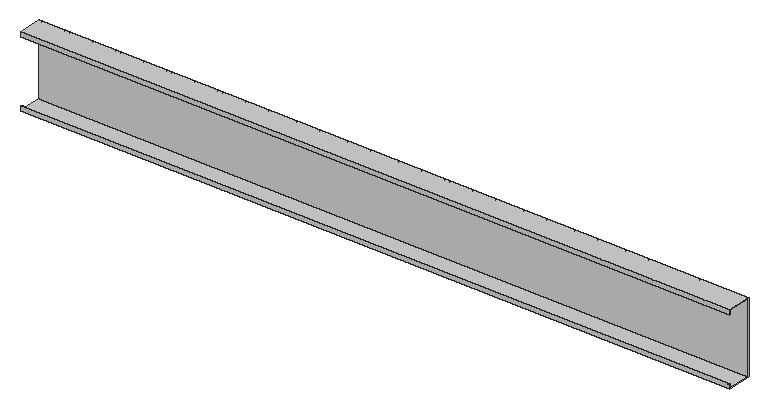
Revit family "BIMSF-SSMA-S-Structural", category Structural Framing, Revit 2024
Family settings
  Section Shape = C Profile with Lips
  Material for Model Behavior = Steel
  Always export as geometry = No
  Always vertical = Yes
  Cut with Voids When Loaded = No
  Symbolic Representation = From Project Settings
  Shared = No
  Show family pre-cut in plan views = Yes
Parameters (values of type "Default")
  tf1 = 0' - 0"
  Weight = 0.00 lbf/ft
  Vy = 0.00 kip
  Vx = 0.00 kip
  Sx = 0.00 in³
  Structural Material [instance] = Metal - Steel - ASTM A992
  Short Tag = ""
  Return = 0' - 0 3/8"
  Reported Length [instance] = 5' - 0"
  Mx = 0.00 kip-ft
  Model = "V2"
  Long Tag = ""
  Iy = 0.00 in⁴
  Ix = 0.00 in⁴
  Fy = 0.00 ksi
  Description = "TrussDesignerProfile"
  Area = 0.00 in²
  Assembly Code = "B10"
  Length [instance] = 5' - 0"
  bf = 0' - 2"
  d = 0' - 6"
  tf = 0' - 0 1/16"
Reference planes (in)
  plane 1 "Center (Front/Back)": y = 0
  plane 2: z = 0
  plane 3 "Center (Left/Right)": x = 0.1815
  plane 4 "Top": z = 3
  plane 5: z = -3
  plane 6 "Left": x = -29.8185
  plane 7 "Right": x = 30.1815
  plane 8: y = -1
  plane 9: y = 1
  plane 10: y = 0.9375
  plane 11: y = -0.9375
  plane 12: z = 2.9375
  plane 13: z = -2.9375
  plane 14: z = 2.625
  plane 15: z = -2.625
Forms (in)
  Extrusion 1, solid, material "Metal - Steel - ASTM A992" <- "Structural Material", detail levels medium+fine
    sketch origin (-29.8185, 0.02734, 0.16016) x (0, -1, 0) y (0, 0, 1)
      loop
        line (1.02734, 2.83984) -> (-0.97266, 2.83984) -> (-0.97266, -3.16016) -> (1.02734, -3.16016) -> (1.02734, -2.78516) -> (0.96484, -2.78516) -> (0.96484, -3.09766) -> (-0.91016, -3.09766) -> (-0.91016, 2.77734) -> (0.96484, 2.77734) -> (0.96484, 2.46484) -> (1.02734, 2.46484) -> (1.02734, 2.83984)
    from -60 to 0
Lines and regions (in)
  model lines, style "BIMSF.Framing", not visible, detail levels coarse
    curve 1: line (-29.8185, 0, 0) -> (30.1815, 0, 0)
Dimensions and locks (in)
  "d": plane 5 to plane 4 "Top"
  equal spacing: plane 5, plane 2, plane 4 "Top"
  "Length": plane 6 "Left" to plane 7 "Right"
  "bf": plane 9 to plane 8
  equal spacing: plane 9, plane 1 "Center (Front/Back)", plane 8
  "tf": plane 4 "Top" to plane 12
  "tf": plane 13 to plane 5
  "tf": plane 11 to plane 8
  "tf": plane 9 to plane 10
  "Return": plane 4 "Top" to plane 14
  "Return": plane 5 to plane 15
  "Reported Length": Extrusion 1 to Extrusion 1
  aligned and locked: Extrusion 1 sketch curve to plane 4 "Top"
  aligned and locked: plane 8 to Extrusion 1 sketch curve  (x2)
  aligned and locked: Extrusion 1 sketch curve to plane 14
  aligned and locked: Extrusion 1 sketch curve to plane 12
  aligned and locked: Extrusion 1 sketch curve to plane 11  (x2)
  aligned and locked: plane 10 to Extrusion 1 sketch curve
  aligned and locked: plane 13 to Extrusion 1 sketch curve
  aligned and locked: plane 15 to Extrusion 1 sketch curve
  aligned and locked: plane 5 to Extrusion 1 sketch curve
  aligned and locked: Extrusion 1 sketch curve to plane 9
  aligned and locked: plane 2 to level
  aligned and locked: Extrusion 1 to plane 7 "Right"
  aligned and locked: plane 6 "Left" to Extrusion 1
  aligned and locked: plane 1 "Center (Front/Back)" to curve 1
  aligned and locked: plane 6 "Left" to curve 1
  aligned and locked: plane 7 "Right" to curve 1
Types in the file's own list only (161): name | tf1 | Weight | Vy | Vx | Sx | Return | Mx | Iy | Ix | Fy | Area | bf | d | tf
  250S137-33(33) | 0' - 0 1/16" | 0.67 lbf/ft | 0.98 kip | 0.40 kip | 0.16 in³ | 0' - 0 3/8" | 0.26 kip-ft | 0.05 in⁴ | 0.20 in⁴ | 33.00 ksi | 0.20 in² | 0' - 1 3/8" | 0' - 2 1/2" | 0' - 0 1/16"
  250S137-43(33) | 0' - 0 1/16" | 0.87 lbf/ft | 1.27 kip | 0.39 kip | 0.21 in³ | 0' - 0 3/8" | 0.38 kip-ft | 0.07 in⁴ | 0.26 in⁴ | 33.00 ksi | 0.26 in² | 0' - 1 3/8" | 0' - 2 1/2" | 0' - 0 1/16"
  250S137-54(33) | 0' - 0 1/16" | 1.07 lbf/ft | 1.55 kip | 0.37 kip | 0.26 in³ | 0' - 0 3/8" | 0.48 kip-ft | 0.08 in⁴ | 0.32 in⁴ | 33.00 ksi | 0.32 in² | 0' - 1 3/8" | 0' - 2 1/2" | 0' - 0 1/16"
  250S137-54(50) | 0' - 0 1/16" | 1.07 lbf/ft | 2.35 kip | 2.35 kip | 0.24 in³ | 0' - 0 3/8" | 0.69 kip-ft | 0.08 in⁴ | 0.32 in⁴ | 50.00 ksi | 0.32 in² | 0' - 1 3/8" | 0' - 2 1/2" | 0' - 0 1/16"
  250S137-68(33) | 0' - 0 1/16" | 1.33 lbf/ft | 1.89 kip | 0.34 kip | 0.31 in³ | 0' - 0 3/8" | 0.60 kip-ft | 0.10 in⁴ | 0.39 in⁴ | 33.00 ksi | 0.39 in² | 0' - 1 3/8" | 0' - 2 1/2" | 0' - 0 1/16"
  250S137-68(50) | 0' - 0 1/16" | 1.33 lbf/ft | 2.87 kip | 2.87 kip | 0.31 in³ | 0' - 0 3/8" | 0.89 kip-ft | 0.10 in⁴ | 0.39 in⁴ | 50.00 ksi | 0.39 in² | 0' - 1 3/8" | 0' - 2 1/2" | 0' - 0 1/16"
  250S162-33(33) | 0' - 0 1/16" | 0.76 lbf/ft | 0.98 kip | 0.40 kip | 0.18 in³ | 0' - 0 1/2" | 0.30 kip-ft | 0.09 in⁴ | 0.24 in⁴ | 33.00 ksi | 0.22 in² | 0' - 1 5/8" | 0' - 2 1/2" | 0' - 0 1/16"
  250S162-43(33) | 0' - 0 1/16" | 0.98 lbf/ft | 1.27 kip | 0.39 kip | 0.24 in³ | 0' - 0 1/2" | 0.44 kip-ft | 0.11 in⁴ | 0.30 in⁴ | 33.00 ksi | 0.29 in² | 0' - 1 5/8" | 0' - 2 1/2" | 0' - 0 1/16"
  250S162-54(33) | 0' - 0 1/16" | 1.22 lbf/ft | 1.55 kip | 0.37 kip | 0.30 in³ | 0' - 0 1/2" | 0.55 kip-ft | 0.14 in⁴ | 0.37 in⁴ | 33.00 ksi | 0.36 in² | 0' - 1 5/8" | 0' - 2 1/2" | 0' - 0 1/16"
  250S162-54(50) | 0' - 0 1/16" | 1.22 lbf/ft | 2.35 kip | 2.35 kip | 0.28 in³ | 0' - 0 1/2" | 0.79 kip-ft | 0.14 in⁴ | 0.37 in⁴ | 50.00 ksi | 0.36 in² | 0' - 1 5/8" | 0' - 2 1/2" | 0' - 0 1/16"
  250S162-68(33) | 0' - 0 1/16" | 1.51 lbf/ft | 1.89 kip | 0.34 kip | 0.36 in³ | 0' - 0 1/2" | 0.68 kip-ft | 0.16 in⁴ | 0.45 in⁴ | 33.00 ksi | 0.44 in² | 0' - 1 5/8" | 0' - 2 1/2" | 0' - 0 1/16"
  250S162-68(50) | 0' - 0 1/16" | 1.51 lbf/ft | 2.87 kip | 2.87 kip | 0.36 in³ | 0' - 0 1/2" | 1.01 kip-ft | 0.16 in⁴ | 0.45 in⁴ | 50.00 ksi | 0.44 in² | 0' - 1 5/8" | 0' - 2 1/2" | 0' - 0 1/16"
  350S162-33(33) | 0' - 0 1/16" | 0.88 lbf/ft | 1.02 kip | 0.49 kip | 0.26 in³ | 0' - 0 1/2" | 0.42 kip-ft | 0.10 in⁴ | 0.51 in⁴ | 33.00 ksi | 0.26 in² | 0' - 1 5/8" | 0' - 3 1/2" | 0' - 0 1/16"
  350S162-43(33) | 0' - 0 1/16" | 1.14 lbf/ft | 1.74 kip | 0.63 kip | 0.36 in³ | 0' - 0 1/2" | 0.59 kip-ft | 0.13 in⁴ | 0.65 in⁴ | 33.00 ksi | 0.33 in² | 0' - 1 5/8" | 0' - 3 1/2" | 0' - 0 1/16"
  350S162-54(33) | 0' - 0 1/16" | 1.41 lbf/ft | 2.25 kip | 0.63 kip | 0.45 in³ | 0' - 0 1/2" | 0.74 kip-ft | 0.15 in⁴ | 0.80 in⁴ | 33.00 ksi | 0.42 in² | 0' - 1 5/8" | 0' - 3 1/2" | 0' - 0 1/16"
  350S162-54(50) | 0' - 0 1/16" | 1.41 lbf/ft | 3.37 kip | 3.37 kip | 0.43 in³ | 0' - 0 1/2" | 1.06 kip-ft | 0.15 in⁴ | 0.80 in⁴ | 50.00 ksi | 0.42 in² | 0' - 1 5/8" | 0' - 3 1/2" | 0' - 0 1/16"
  350S162-68(33) | 0' - 0 1/16" | 1.75 lbf/ft | 2.77 kip | 0.59 kip | 0.55 in³ | 0' - 0 1/2" | 0.91 kip-ft | 0.18 in⁴ | 0.99 in⁴ | 33.00 ksi | 0.52 in² | 0' - 1 5/8" | 0' - 3 1/2" | 0' - 0 1/16"
  350S162-68(50) | 0' - 0 1/16" | 1.75 lbf/ft | 4.20 kip | 4.20 kip | 0.55 in³ | 0' - 0 1/2" | 1.37 kip-ft | 0.18 in⁴ | 0.99 in⁴ | 50.00 ksi | 0.52 in² | 0' - 1 5/8" | 0' - 3 1/2" | 0' - 0 1/16"
  362S137-33(33) | 0' - 0 1/16" | 0.80 lbf/ft | 1.02 kip | 0.52 kip | 0.23 in³ | 0' - 0 3/8" | 0.38 kip-ft | 0.06 in⁴ | 0.48 in⁴ | 33.00 ksi | 0.24 in² | 0' - 1 3/8" | 0' - 3 5/8" | 0' - 0 1/16"
  362S137-43(33) | 0' - 0 1/16" | 1.04 lbf/ft | 1.74 kip | 0.68 kip | 0.32 in³ | 0' - 0 3/8" | 0.53 kip-ft | 0.08 in⁴ | 0.62 in⁴ | 33.00 ksi | 0.31 in² | 0' - 1 3/8" | 0' - 3 5/8" | 0' - 0 1/16"
  362S137-54(33) | 0' - 0 1/16" | 1.29 lbf/ft | 2.34 kip | 0.71 kip | 0.40 in³ | 0' - 0 3/8" | 0.66 kip-ft | 0.09 in⁴ | 0.76 in⁴ | 33.00 ksi | 0.38 in² | 0' - 1 3/8" | 0' - 3 5/8" | 0' - 0 1/16"
  362S137-54(50) | 0' - 0 1/16" | 1.29 lbf/ft | 3.37 kip | 3.37 kip | 0.38 in³ | 0' - 0 3/8" | 0.95 kip-ft | 0.09 in⁴ | 0.76 in⁴ | 50.00 ksi | 0.38 in² | 0' - 1 3/8" | 0' - 3 5/8" | 0' - 0 1/16"
  362S137-68(33) | 0' - 0 1/16" | 1.60 lbf/ft | 2.88 kip | 0.66 kip | 0.50 in³ | 0' - 0 3/8" | 0.82 kip-ft | 0.11 in⁴ | 0.92 in⁴ | 33.00 ksi | 0.47 in² | 0' - 1 3/8" | 0' - 3 5/8" | 0' - 0 1/16"
  362S137-68(50) | 0' - 0 1/16" | 1.60 lbf/ft | 4.37 kip | 4.37 kip | 0.49 in³ | 0' - 0 3/8" | 1.23 kip-ft | 0.11 in⁴ | 0.92 in⁴ | 50.00 ksi | 0.47 in² | 0' - 1 3/8" | 0' - 3 5/8" | 0' - 0 1/16"
  362S162-33(33) | 0' - 0 1/16" | 0.89 lbf/ft | 1.02 kip | 0.52 kip | 0.27 in³ | 0' - 0 1/2" | 0.44 kip-ft | 0.10 in⁴ | 0.55 in⁴ | 33.00 ksi | 0.26 in² | 0' - 1 5/8" | 0' - 3 5/8" | 0' - 0 1/16"
  362S162-43(33) | 0' - 0 1/16" | 1.16 lbf/ft | 1.74 kip | 0.68 kip | 0.37 in³ | 0' - 0 1/2" | 0.61 kip-ft | 0.13 in⁴ | 0.71 in⁴ | 33.00 ksi | 0.34 in² | 0' - 1 5/8" | 0' - 3 5/8" | 0' - 0 1/16"
  362S162-54(33) | 0' - 0 1/16" | 1.44 lbf/ft | 2.34 kip | 0.71 kip | 0.47 in³ | 0' - 0 1/2" | 0.77 kip-ft | 0.15 in⁴ | 0.87 in⁴ | 33.00 ksi | 0.42 in² | 0' - 1 5/8" | 0' - 3 5/8" | 0' - 0 1/16"
  362S162-54(50) | 0' - 0 1/16" | 1.44 lbf/ft | 3.37 kip | 3.37 kip | 0.44 in³ | 0' - 0 1/2" | 1.11 kip-ft | 0.15 in⁴ | 0.87 in⁴ | 50.00 ksi | 0.42 in² | 0' - 1 5/8" | 0' - 3 5/8" | 0' - 0 1/16"
  362S162-68(33) | 0' - 0 1/16" | 1.78 lbf/ft | 2.88 kip | 0.66 kip | 0.58 in³ | 0' - 0 1/2" | 0.95 kip-ft | 0.19 in⁴ | 1.07 in⁴ | 33.00 ksi | 0.52 in² | 0' - 1 5/8" | 0' - 3 5/8" | 0' - 0 1/16"
  362S162-68(50) | 0' - 0 1/16" | 1.78 lbf/ft | 4.37 kip | 4.37 kip | 0.57 in³ | 0' - 0 1/2" | 1.43 kip-ft | 0.19 in⁴ | 1.07 in⁴ | 50.00 ksi | 0.52 in² | 0' - 1 5/8" | 0' - 3 5/8" | 0' - 0 1/16"
  362S200-33(33) | 0' - 0 1/16" | 1.01 lbf/ft | 1.02 kip | 0.52 kip | 0.29 in³ | 0' - 0 5/8" | 0.48 kip-ft | 0.18 in⁴ | 0.65 in⁴ | 33.00 ksi | 0.30 in² | 0' - 2" | 0' - 3 5/8" | 0' - 0 1/16"
  362S200-43(33) | 0' - 0 1/16" | 1.31 lbf/ft | 1.74 kip | 0.68 kip | 0.43 in³ | 0' - 0 5/8" | 0.70 kip-ft | 0.23 in⁴ | 0.84 in⁴ | 33.00 ksi | 0.39 in² | 0' - 2" | 0' - 3 5/8" | 0' - 0 1/16"
  362S200-54(33) | 0' - 0 1/16" | 1.63 lbf/ft | 2.34 kip | 0.71 kip | 0.55 in³ | 0' - 0 5/8" | 0.91 kip-ft | 0.28 in⁴ | 1.03 in⁴ | 33.00 ksi | 0.48 in² | 0' - 2" | 0' - 3 5/8" | 0' - 0 1/16"
  362S200-54(50) | 0' - 0 1/16" | 1.63 lbf/ft | 3.37 kip | 3.37 kip | 0.49 in³ | 0' - 0 5/8" | 1.22 kip-ft | 0.28 in⁴ | 1.03 in⁴ | 50.00 ksi | 0.48 in² | 0' - 2" | 0' - 3 5/8" | 0' - 0 1/16"
  362S200-68(33) | 0' - 0 1/16" | 2.02 lbf/ft | 2.88 kip | 0.66 kip | 0.69 in³ | 0' - 0 5/8" | 1.13 kip-ft | 0.34 in⁴ | 1.27 in⁴ | 33.00 ksi | 0.60 in² | 0' - 2" | 0' - 3 5/8" | 0' - 0 1/16"
  362S200-68(50) | 0' - 0 1/16" | 2.02 lbf/ft | 4.37 kip | 4.37 kip | 0.67 in³ | 0' - 0 5/8" | 1.66 kip-ft | 0.34 in⁴ | 1.27 in⁴ | 50.00 ksi | 0.60 in² | 0' - 2" | 0' - 3 5/8" | 0' - 0 1/16"
  400S137-33(33) | 0' - 0 1/16" | 0.85 lbf/ft | 0.98 kip | 0.60 kip | 0.26 in³ | 0' - 0 3/8" | 0.43 kip-ft | 0.06 in⁴ | 0.60 in⁴ | 33.00 ksi | 0.25 in² | 0' - 1 3/8" | 0' - 4" | 0' - 0 1/16"
  400S137-43(33) | 0' - 0 1/16" | 1.10 lbf/ft | 1.74 kip | 0.81 kip | 0.36 in³ | 0' - 0 3/8" | 0.59 kip-ft | 0.08 in⁴ | 0.78 in⁴ | 33.00 ksi | 0.32 in² | 0' - 1 3/8" | 0' - 4" | 0' - 0 1/16"
  400S137-54(33) | 0' - 0 1/16" | 1.36 lbf/ft | 2.60 kip | 0.94 kip | 0.45 in³ | 0' - 0 3/8" | 0.75 kip-ft | 0.09 in⁴ | 0.95 in⁴ | 33.00 ksi | 0.40 in² | 0' - 1 3/8" | 0' - 4" | 0' - 0 1/16"
  400S137-54(50) | 0' - 0 1/16" | 1.36 lbf/ft | 3.37 kip | 3.37 kip | 0.43 in³ | 0' - 0 3/8" | 1.07 kip-ft | 0.09 in⁴ | 0.95 in⁴ | 50.00 ksi | 0.40 in² | 0' - 1 3/8" | 0' - 4" | 0' - 0 1/16"
  400S137-68(33) | 0' - 0 1/16" | 1.69 lbf/ft | 3.22 kip | 0.90 kip | 0.57 in³ | 0' - 0 3/8" | 0.93 kip-ft | 0.11 in⁴ | 1.17 in⁴ | 33.00 ksi | 0.50 in² | 0' - 1 3/8" | 0' - 4" | 0' - 0 1/16"
  400S137-68(50) | 0' - 0 1/16" | 1.69 lbf/ft | 4.87 kip | 4.87 kip | 0.56 in³ | 0' - 0 3/8" | 1.39 kip-ft | 0.11 in⁴ | 1.17 in⁴ | 50.00 ksi | 0.50 in² | 0' - 1 3/8" | 0' - 4" | 0' - 0 1/16"
  400S162-33(33) | 0' - 0 1/16" | 0.94 lbf/ft | 0.98 kip | 0.60 kip | 0.23 in³ | 0' - 0 1/2" | 0.49 kip-ft | 0.10 in⁴ | 0.69 in⁴ | 33.00 ksi | 0.28 in² | 0' - 1 5/8" | 0' - 4" | 0' - 0 1/16"
  400S162-43(33) | 0' - 0 1/16" | 1.21 lbf/ft | 1.74 kip | 0.81 kip | 0.42 in³ | 0' - 0 1/2" | 0.69 kip-ft | 0.13 in⁴ | 0.89 in⁴ | 33.00 ksi | 0.36 in² | 0' - 1 5/8" | 0' - 4" | 0' - 0 1/16"
  400S162-54(33) | 0' - 0 1/16" | 1.51 lbf/ft | 2.60 kip | 0.94 kip | 0.53 in³ | 0' - 0 1/2" | 0.87 kip-ft | 0.16 in⁴ | 1.10 in⁴ | 33.00 ksi | 0.44 in² | 0' - 1 5/8" | 0' - 4" | 0' - 0 1/16"
  400S162-54(50) | 0' - 0 1/16" | 1.51 lbf/ft | 3.37 kip | 3.37 kip | 0.50 in³ | 0' - 0 1/2" | 1.24 kip-ft | 0.16 in⁴ | 1.10 in⁴ | 50.00 ksi | 0.44 in² | 0' - 1 5/8" | 0' - 4" | 0' - 0 1/16"
  400S162-68(33) | 0' - 0 1/16" | 1.87 lbf/ft | 3.22 kip | 0.90 kip | 0.66 in³ | 0' - 0 1/2" | 1.08 kip-ft | 0.19 in⁴ | 1.35 in⁴ | 33.00 ksi | 0.55 in² | 0' - 1 5/8" | 0' - 4" | 0' - 0 1/16"
  400S162-68(50) | 0' - 0 1/16" | 1.87 lbf/ft | 4.87 kip | 4.87 kip | 0.65 in³ | 0' - 0 1/2" | 1.62 kip-ft | 0.19 in⁴ | 1.35 in⁴ | 50.00 ksi | 0.55 in² | 0' - 1 5/8" | 0' - 4" | 0' - 0 1/16"
  400S200-33(33) | 0' - 0 1/16" | 1.05 lbf/ft | 0.98 kip | 0.60 kip | 0.33 in³ | 0' - 0 5/8" | 0.54 kip-ft | 0.18 in⁴ | 0.81 in⁴ | 33.00 ksi | 0.31 in² | 0' - 2" | 0' - 4" | 0' - 0 1/16"
  400S200-43(33) | 0' - 0 1/16" | 1.37 lbf/ft | 1.74 kip | 0.81 kip | 0.48 in³ | 0' - 0 5/8" | 0.79 kip-ft | 0.24 in⁴ | 1.05 in⁴ | 33.00 ksi | 0.40 in² | 0' - 2" | 0' - 4" | 0' - 0 1/16"
  400S200-54(33) | 0' - 0 1/16" | 1.70 lbf/ft | 2.60 kip | 0.94 kip | 0.62 in³ | 0' - 0 5/8" | 1.03 kip-ft | 0.29 in⁴ | 1.29 in⁴ | 33.00 ksi | 0.50 in² | 0' - 2" | 0' - 4" | 0' - 0 1/16"
  400S200-54(50) | 0' - 0 1/16" | 1.70 lbf/ft | 3.37 kip | 3.37 kip | 0.55 in³ | 0' - 0 5/8" | 1.37 kip-ft | 0.29 in⁴ | 1.29 in⁴ | 50.00 ksi | 0.50 in² | 0' - 2" | 0' - 4" | 0' - 0 1/16"
  400S200-68(33) | 0' - 0 1/16" | 2.12 lbf/ft | 3.22 kip | 0.90 kip | 0.78 in³ | 0' - 0 5/8" | 1.28 kip-ft | 0.35 in⁴ | 1.59 in⁴ | 33.00 ksi | 0.62 in² | 0' - 2" | 0' - 4" | 0' - 0 1/16"
  400S200-68(50) | 0' - 0 1/16" | 2.12 lbf/ft | 4.87 kip | 4.87 kip | 0.75 in³ | 0' - 0 5/8" | 1.87 kip-ft | 0.35 in⁴ | 1.59 in⁴ | 50.00 ksi | 0.62 in² | 0' - 2" | 0' - 4" | 0' - 0 1/16"
  550S162-33(33) | 0' - 0 1/16" | 1.11 lbf/ft | 0.70 kip | 0.70 kip | 0.51 in³ | 0' - 0 1/2" | 0.84 kip-ft | 0.11 in⁴ | 1.46 in⁴ | 33.00 ksi | 0.33 in² | 0' - 1 5/8" | 0' - 5 1/2" | 0' - 0 1/16"
  550S162-43(33) | 0' - 0 1/16" | 1.44 lbf/ft | 1.55 kip | 1.20 kip | 0.68 in³ | 0' - 0 1/2" | 1.23 kip-ft | 0.15 in⁴ | 1.88 in⁴ | 33.00 ksi | 0.42 in² | 0' - 1 5/8" | 0' - 5 1/2" | 0' - 0 1/16"
  550S162-54(33) | 0' - 0 1/16" | 1.80 lbf/ft | 2.74 kip | 1.67 kip | 0.85 in³ | 0' - 0 1/2" | 1.56 kip-ft | 0.18 in⁴ | 2.32 in⁴ | 33.00 ksi | 0.53 in² | 0' - 1 5/8" | 0' - 5 1/2" | 0' - 0 1/16"
  550S162-54(50) | 0' - 0 1/16" | 1.80 lbf/ft | 3.09 kip | 3.09 kip | 0.81 in³ | 0' - 0 1/2" | 2.24 kip-ft | 0.18 in⁴ | 2.32 in⁴ | 50.00 ksi | 0.53 in² | 0' - 1 5/8" | 0' - 5 1/2" | 0' - 0 1/16"
  550S162-68(33) | 0' - 0 1/16" | 2.24 lbf/ft | 4.35 kip | 2.06 kip | 1.04 in³ | 0' - 0 1/2" | 1.98 kip-ft | 0.21 in⁴ | 2.86 in⁴ | 33.00 ksi | 0.66 in² | 0' - 1 5/8" | 0' - 5 1/2" | 0' - 0 1/16"
  550S162-68(50) | 0' - 0 1/16" | 2.24 lbf/ft | 5.35 kip | 5.35 kip | 1.03 in³ | 0' - 0 1/2" | 2.91 kip-ft | 0.18 in⁴ | 2.86 in⁴ | 50.00 ksi | 0.66 in² | 0' - 1 5/8" | 0' - 5 1/2" | 0' - 0 1/16"
  600S137-33(33) | 0' - 0 1/16" | 1.08 lbf/ft | 0.64 kip | 0.64 kip | 0.46 in³ | 0' - 0 3/8" | 0.75 kip-ft | 0.07 in⁴ | 1.55 in⁴ | 33.00 ksi | 0.32 in² | 0' - 1 3/8" | 0' - 6" | 0' - 0 1/16"
  600S137-43(33) | 0' - 0 1/16" | 1.41 lbf/ft | 1.42 kip | 1.24 kip | 0.65 in³ | 0' - 0 3/8" | 1.06 kip-ft | 0.09 in⁴ | 2.04 in⁴ | 33.00 ksi | 0.41 in² | 0' - 1 3/8" | 0' - 6" | 0' - 0 1/16"
  600S137-54(33) | 0' - 0 1/16" | 1.75 lbf/ft | 2.74 kip | 1.89 kip | 0.83 in³ | 0' - 0 3/8" | 1.37 kip-ft | 0.11 in⁴ | 2.52 in⁴ | 33.00 ksi | 0.51 in² | 0' - 1 3/8" | 0' - 6" | 0' - 0 1/16"
  600S137-54(50) | 0' - 0 1/16" | 1.75 lbf/ft | 2.82 kip | 2.82 kip | 0.78 in³ | 0' - 0 3/8" | 1.94 kip-ft | 0.11 in⁴ | 2.52 in⁴ | 50.00 ksi | 0.51 in² | 0' - 1 3/8" | 0' - 6" | 0' - 0 1/16"
  600S137-68(33) | 0' - 0 1/16" | 2.18 lbf/ft | 4.35 kip | 2.34 kip | 1.03 in³ | 0' - 0 3/8" | 2.00 kip-ft | 0.13 in⁴ | 3.09 in⁴ | 33.00 ksi | 0.64 in² | 0' - 1 3/8" | 0' - 6" | 0' - 0 1/16"
  600S137-68(50) | 0' - 0 1/16" | 2.18 lbf/ft | 5.35 kip | 5.35 kip | 1.03 in³ | 0' - 0 3/8" | 2.57 kip-ft | 0.13 in⁴ | 3.09 in⁴ | 50.00 ksi | 0.64 in² | 0' - 1 3/8" | 0' - 6" | 0' - 0 1/16"
  600S137-97(33) | 0' - 0 1/8" | 3.03 lbf/ft | 6.91 kip | 2.51 kip | 1.40 in³ | 0' - 0 3/8" | 2.87 kip-ft | 0.16 in⁴ | 4.19 in⁴ | 33.00 ksi | 0.89 in² | 0' - 1 3/8" | 0' - 6" | 0' - 0 1/8"
  600S137-97(50) | 0' - 0 1/8" | 3.03 lbf/ft | 10.47 kip | 10.47 kip | 1.40 in³ | 0' - 0 3/8" | 4.23 kip-ft | 0.16 in⁴ | 4.19 in⁴ | 50.00 ksi | 0.89 in² | 0' - 1 3/8" | 0' - 6" | 0' - 0 1/8"
  600S162-33(33) | 0' - 0 1/16" | 1.17 lbf/ft | 0.64 kip | 0.64 kip | 0.58 in³ | 0' - 0 1/2" | 0.95 kip-ft | 0.12 in⁴ | 1.79 in⁴ | 33.00 ksi | 0.34 in² | 0' - 1 5/8" | 0' - 6" | 0' - 0 1/16"
  600S162-43(33) | 0' - 0 1/16" | 1.52 lbf/ft | 1.42 kip | 1.24 kip | 0.77 in³ | 0' - 0 1/2" | 1.39 kip-ft | 0.15 in⁴ | 2.32 in⁴ | 33.00 ksi | 0.45 in² | 0' - 1 5/8" | 0' - 6" | 0' - 0 1/16"
  600S162-54(33) | 0' - 0 1/16" | 1.89 lbf/ft | 2.74 kip | 1.89 kip | 0.95 in³ | 0' - 0 1/2" | 1.76 kip-ft | 0.18 in⁴ | 2.86 in⁴ | 33.00 ksi | 0.56 in² | 0' - 1 5/8" | 0' - 6" | 0' - 0 1/16"
  600S162-54(50) | 0' - 0 1/16" | 1.89 lbf/ft | 2.82 kip | 2.82 kip | 0.92 in³ | 0' - 0 1/2" | 2.53 kip-ft | 0.18 in⁴ | 2.86 in⁴ | 50.00 ksi | 0.56 in² | 0' - 1 5/8" | 0' - 6" | 0' - 0 1/16"
  600S162-68(33) | 0' - 0 1/16" | 2.36 lbf/ft | 4.35 kip | 2.34 kip | 1.18 in³ | 0' - 0 1/2" | 2.23 kip-ft | 0.22 in⁴ | 3.53 in⁴ | 33.00 ksi | 0.69 in² | 0' - 1 5/8" | 0' - 6" | 0' - 0 1/16"
  600S162-68(50) | 0' - 0 1/16" | 2.36 lbf/ft | 5.35 kip | 5.35 kip | 1.16 in³ | 0' - 0 1/2" | 3.29 kip-ft | 0.22 in⁴ | 3.53 in⁴ | 50.00 ksi | 0.69 in² | 0' - 1 5/8" | 0' - 6" | 0' - 0 1/16"
  600S162-97(33) | 0' - 0 1/8" | 3.29 lbf/ft | 6.91 kip | 2.51 kip | 1.60 in³ | 0' - 0 1/2" | 3.20 kip-ft | 0.28 in⁴ | 4.80 in⁴ | 33.00 ksi | 0.97 in² | 0' - 1 5/8" | 0' - 6" | 0' - 0 1/8"
  600S162-97(50) | 0' - 0 1/8" | 3.29 lbf/ft | 10.47 kip | 10.47 kip | 1.60 in³ | 0' - 0 1/2" | 4.73 kip-ft | 0.28 in⁴ | 4.80 in⁴ | 50.00 ksi | 0.97 in² | 0' - 1 5/8" | 0' - 6" | 0' - 0 1/8"
  600S200-33(33) | 0' - 0 1/16" | 1.29 lbf/ft | 0.64 kip | 0.64 kip | 0.62 in³ | 0' - 0 5/8" | 1.02 kip-ft | 0.21 in⁴ | 2.06 in⁴ | 33.00 ksi | 0.38 in² | 0' - 2" | 0' - 6" | 0' - 0 1/16"
  600S200-43(33) | 0' - 0 1/16" | 1.67 lbf/ft | 1.42 kip | 1.24 kip | 0.87 in³ | 0' - 0 5/8" | 1.44 kip-ft | 0.27 in⁴ | 2.68 in⁴ | 33.00 ksi | 0.49 in² | 0' - 2" | 0' - 6" | 0' - 0 1/16"
  600S200-54(33) | 0' - 0 1/16" | 2.09 lbf/ft | 2.74 kip | 1.89 kip | 1.11 in³ | 0' - 0 5/8" | 2.01 kip-ft | 0.33 in⁴ | 3.32 in⁴ | 33.00 ksi | 0.61 in² | 0' - 2" | 0' - 6" | 0' - 0 1/16"
  600S200-54(50) | 0' - 0 1/16" | 2.09 lbf/ft | 2.82 kip | 2.82 kip | 1.02 in³ | 0' - 0 5/8" | 2.53 kip-ft | 0.33 in⁴ | 3.32 in⁴ | 50.00 ksi | 0.61 in² | 0' - 2" | 0' - 6" | 0' - 0 1/16"
  600S200-68(33) | 0' - 0 1/16" | 2.60 lbf/ft | 4.35 kip | 2.34 kip | 1.37 in³ | 0' - 0 5/8" | 2.54 kip-ft | 0.40 in⁴ | 4.10 in⁴ | 33.00 ksi | 0.76 in² | 0' - 2" | 0' - 6" | 0' - 0 1/16"
  600S200-68(50) | 0' - 0 1/16" | 2.60 lbf/ft | 5.35 kip | 5.35 kip | 1.32 in³ | 0' - 0 5/8" | 3.64 kip-ft | 0.40 in⁴ | 4.10 in⁴ | 50.00 ksi | 0.76 in² | 0' - 2" | 0' - 6" | 0' - 0 1/16"
  600S200-97(33) | 0' - 0 1/8" | 3.63 lbf/ft | 6.91 kip | 2.51 kip | 1.87 in³ | 0' - 0 5/8" | 3.62 kip-ft | 0.53 in⁴ | 5.61 in⁴ | 33.00 ksi | 1.07 in² | 0' - 2" | 0' - 6" | 0' - 0 1/8"
  600S200-97(50) | 0' - 0 1/8" | 3.63 lbf/ft | 10.47 kip | 10.47 kip | 1.87 in³ | 0' - 0 5/8" | 5.38 kip-ft | 0.53 in⁴ | 5.61 in⁴ | 50.00 ksi | 1.07 in² | 0' - 2" | 0' - 6" | 0' - 0 1/8"
  600S250-43(33) | 0' - 0 1/16" | 1.83 lbf/ft | 1.42 kip | 1.24 kip | 0.92 in³ | 0' - 0 5/8" | 1.51 kip-ft | 0.46 in⁴ | 3.08 in⁴ | 33.00 ksi | 0.54 in² | 0' - 2 1/2" | 0' - 6" | 0' - 0 1/16"
  600S250-54(33) | 0' - 0 1/16" | 2.28 lbf/ft | 2.74 kip | 1.89 kip | 1.16 in³ | 0' - 0 5/8" | 1.91 kip-ft | 0.56 in⁴ | 3.82 in⁴ | 33.00 ksi | 0.67 in² | 0' - 2 1/2" | 0' - 6" | 0' - 0 1/16"
  600S250-54(50) | 0' - 0 1/16" | 2.28 lbf/ft | 2.82 kip | 2.82 kip | 1.07 in³ | 0' - 0 5/8" | 2.67 kip-ft | 0.56 in⁴ | 3.77 in⁴ | 50.00 ksi | 0.67 in² | 0' - 2 1/2" | 0' - 6" | 0' - 0 1/16"
  600S250-68(33) | 0' - 0 1/16" | 2.84 lbf/ft | 4.35 kip | 2.34 kip | 1.51 in³ | 0' - 0 5/8" | 2.74 kip-ft | 0.69 in⁴ | 4.73 in⁴ | 33.00 ksi | 0.84 in² | 0' - 2 1/2" | 0' - 6" | 0' - 0 1/16"
  600S250-68(50) | 0' - 0 1/16" | 2.84 lbf/ft | 5.35 kip | 5.35 kip | 1.39 in³ | 0' - 0 5/8" | 3.46 kip-ft | 0.69 in⁴ | 4.72 in⁴ | 50.00 ksi | 0.84 in² | 0' - 2 1/2" | 0' - 6" | 0' - 0 1/16"
  600S250-97(33) | 0' - 0 1/8" | 3.98 lbf/ft | 6.91 kip | 2.51 kip | 2.16 in³ | 0' - 0 5/8" | 4.07 kip-ft | 0.92 in⁴ | 6.50 in⁴ | 33.00 ksi | 1.17 in² | 0' - 2 1/2" | 0' - 6" | 0' - 0 1/8"
  600S250-97(50) | 0' - 0 1/8" | 3.98 lbf/ft | 10.47 kip | 10.47 kip | 2.06 in³ | 0' - 0 5/8" | 5.78 kip-ft | 0.92 in⁴ | 6.50 in⁴ | 50.00 ksi | 1.17 in² | 0' - 2 1/2" | 0' - 6" | 0' - 0 1/8"
  800S137-33(33) | 0' - 0 1/16" | 1.32 lbf/ft | 0.47 kip | 0.47 kip | 0.62 in³ | 0' - 0 3/8" | 1.03 kip-ft | 0.07 in⁴ | 3.00 in⁴ | 33.00 ksi | 0.39 in² | 0' - 1 3/8" | 0' - 8" | 0' - 0 1/16"
  800S137-43(33) | 0' - 0 1/16" | 1.10 lbf/ft | 1.05 kip | 1.05 kip | 0.90 in³ | 0' - 0 3/8" | 1.48 kip-ft | 0.09 in⁴ | 4.00 in⁴ | 33.00 ksi | 0.50 in² | 0' - 1 3/8" | 0' - 8" | 0' - 0 1/16"
  800S137-54(33) | 0' - 0 1/16" | 2.13 lbf/ft | 2.09 kip | 2.09 kip | 1.18 in³ | 0' - 0 3/8" | 1.94 kip-ft | 0.11 in⁴ | 5.08 in⁴ | 33.00 ksi | 0.63 in² | 0' - 1 3/8" | 0' - 8" | 0' - 0 1/16"
  800S137-54(50) | 0' - 0 1/16" | 2.13 lbf/ft | 2.09 kip | 2.09 kip | 1.08 in³ | 0' - 0 3/8" | 2.70 kip-ft | 0.11 in⁴ | 4.97 in⁴ | 50.00 ksi | 0.63 in² | 0' - 1 3/8" | 0' - 8" | 0' - 0 1/16"
  800S137-68(33) | 0' - 0 1/16" | 2.66 lbf/ft | 4.22 kip | 0.34 kip | 1.54 in³ | 0' - 0 3/8" | 2.54 kip-ft | 0.13 in⁴ | 6.30 in⁴ | 33.00 ksi | 0.78 in² | 0' - 1 3/8" | 0' - 8" | 0' - 0 1/16"
  800S137-68(50) | 0' - 0 1/16" | 2.66 lbf/ft | 4.22 kip | 4.22 kip | 1.47 in³ | 0' - 0 3/8" | 3.66 kip-ft | 0.13 in⁴ | 6.29 in⁴ | 50.00 ksi | 0.78 in² | 0' - 1 3/8" | 0' - 8" | 0' - 0 1/16"
  800S137-97(33) | 0' - 0 1/8" | 3.72 lbf/ft | 8.84 kip | 4.82 kip | 2.15 in³ | 0' - 0 3/8" | 4.42 kip-ft | 0.17 in⁴ | 8.60 in⁴ | 33.00 ksi | 1.09 in² | 0' - 1 3/8" | 0' - 8" | 0' - 0 1/8"
  800S137-97(50) | 0' - 0 1/8" | 3.72 lbf/ft | 10.89 kip | 10.89 kip | 2.15 in³ | 0' - 0 3/8" | 5.36 kip-ft | 0.17 in⁴ | 8.60 in⁴ | 50.00 ksi | 1.09 in² | 0' - 1 3/8" | 0' - 8" | 0' - 0 1/8"
  800S162-33(33) | 0' - 0 1/16" | 1.41 lbf/ft | 0.47 kip | 0.47 kip | 0.71 in³ | 0' - 0 1/2" | 1.17 kip-ft | 0.13 in⁴ | 3.38 in⁴ | 33.00 ksi | 0.41 in² | 0' - 1 5/8" | 0' - 8" | 0' - 0 1/16"
  800S162-43(33) | 0' - 0 1/16" | 1.83 lbf/ft | 1.05 kip | 1.05 kip | 1.02 in³ | 0' - 0 1/2" | 1.68 kip-ft | 0.16 in⁴ | 4.50 in⁴ | 33.00 ksi | 0.54 in² | 0' - 1 5/8" | 0' - 8" | 0' - 0 1/16"
  800S162-54(33) | 0' - 0 1/16" | 2.28 lbf/ft | 2.09 kip | 2.09 kip | 1.33 in³ | 0' - 0 1/2" | 2.20 kip-ft | 0.19 in⁴ | 5.70 in⁴ | 33.00 ksi | 0.67 in² | 0' - 1 5/8" | 0' - 8" | 0' - 0 1/16"
  800S162-54(50) | 0' - 0 1/16" | 2.28 lbf/ft | 2.09 kip | 2.09 kip | 1.23 in³ | 0' - 0 1/2" | 3.07 kip-ft | 0.19 in⁴ | 5.60 in⁴ | 50.00 ksi | 0.67 in² | 0' - 1 5/8" | 0' - 8" | 0' - 0 1/16"
  800S162-68(33) | 0' - 0 1/16" | 2.84 lbf/ft | 4.22 kip | 3.37 kip | 1.74 in³ | 0' - 0 1/2" | 2.86 kip-ft | 0.24 in⁴ | 7.09 in⁴ | 33.00 ksi | 0.84 in² | 0' - 1 5/8" | 0' - 8" | 0' - 0 1/16"
  800S162-68(50) | 0' - 0 1/16" | 2.84 lbf/ft | 4.22 kip | 4.22 kip | 1.66 in³ | 0' - 0 1/2" | 4.15 kip-ft | 0.24 in⁴ | 7.07 in⁴ | 50.00 ksi | 0.84 in² | 0' - 1 5/8" | 0' - 8" | 0' - 0 1/16"
  800S162-97(33) | 0' - 0 1/8" | 3.98 lbf/ft | 8.84 kip | 4.82 kip | 2.43 in³ | 0' - 0 1/2" | 4.86 kip-ft | 0.31 in⁴ | 9.71 in⁴ | 33.00 ksi | 1.17 in² | 0' - 1 5/8" | 0' - 8" | 0' - 0 1/8"
  800S162-97(50) | 0' - 0 1/8" | 3.98 lbf/ft | 10.89 kip | 10.89 kip | 2.43 in³ | 0' - 0 1/2" | 6.06 kip-ft | 0.31 in⁴ | 9.71 in⁴ | 50.00 ksi | 1.17 in² | 0' - 1 5/8" | 0' - 8" | 0' - 0 1/8"
  800S200-33(33) | 0' - 0 1/16" | 1.52 lbf/ft | 0.47 kip | 0.47 kip | 0.82 in³ | 0' - 0 5/8" | 1.34 kip-ft | 0.23 in⁴ | 4.10 in⁴ | 33.00 ksi | 0.45 in² | 0' - 2" | 0' - 8" | 0' - 0 1/16"
  800S200-43(33) | 0' - 0 1/16" | 1.98 lbf/ft | 1.05 kip | 1.05 kip | 1.29 in³ | 0' - 0 5/8" | 2.13 kip-ft | 0.29 in⁴ | 5.30 in⁴ | 33.00 ksi | 0.58 in² | 0' - 2" | 0' - 8" | 0' - 0 1/16"
  800S200-54(33) | 0' - 0 1/16" | 2.47 lbf/ft | 2.09 kip | 2.09 kip | 1.64 in³ | 0' - 0 5/8" | 2.98 kip-ft | 0.36 in⁴ | 6.57 in⁴ | 33.00 ksi | 0.73 in² | 0' - 2" | 0' - 8" | 0' - 0 1/16"
  800S200-54(50) | 0' - 0 1/16" | 2.47 lbf/ft | 2.09 kip | 2.09 kip | 1.50 in³ | 0' - 0 5/8" | 3.74 kip-ft | 0.36 in⁴ | 6.57 in⁴ | 50.00 ksi | 0.73 in² | 0' - 2" | 0' - 8" | 0' - 0 1/16"
  800S200-68(33) | 0' - 0 1/16" | 3.09 lbf/ft | 4.22 kip | 3.37 kip | 2.04 in³ | 0' - 0 5/8" | 3.77 kip-ft | 0.44 in⁴ | 8.14 in⁴ | 33.00 ksi | 0.91 in² | 0' - 2" | 0' - 8" | 0' - 0 1/16"
  800S200-68(50) | 0' - 0 1/16" | 3.09 lbf/ft | 4.22 kip | 4.22 kip | 1.96 in³ | 0' - 0 5/8" | 5.43 kip-ft | 0.44 in⁴ | 8.14 in⁴ | 50.00 ksi | 0.91 in² | 0' - 2" | 0' - 8" | 0' - 0 1/16"
  800S200-97(33) | 0' - 0 1/8" | 4.32 lbf/ft | 8.84 kip | 4.82 kip | 2.80 in³ | 0' - 0 5/8" | 5.43 kip-ft | 0.58 in⁴ | 11.20 in⁴ | 33.00 ksi | 1.27 in² | 0' - 2" | 0' - 8" | 0' - 0 1/8"
  800S200-97(50) | 0' - 0 1/8" | 4.32 lbf/ft | 10.89 kip | 10.89 kip | 2.80 in³ | 0' - 0 5/8" | 8.05 kip-ft | 0.58 in⁴ | 11.20 in⁴ | 50.00 ksi | 1.27 in² | 0' - 2" | 0' - 8" | 0' - 0 1/8"
  800S250-43(33) | 0' - 0 1/16" | 2.13 lbf/ft | 1.05 kip | 1.05 kip | 1.31 in³ | 0' - 0 5/8" | 2.16 kip-ft | 0.50 in⁴ | 6.02 in⁴ | 33.00 ksi | 0.63 in² | 0' - 2 1/2" | 0' - 8" | 0' - 0 1/16"
  800S250-54(33) | 0' - 0 1/16" | 2.66 lbf/ft | 2.09 kip | 2.09 kip | 1.71 in³ | 0' - 0 5/8" | 2.82 kip-ft | 0.61 in⁴ | 7.47 in⁴ | 33.00 ksi | 0.78 in² | 0' - 2 1/2" | 0' - 8" | 0' - 0 1/16"
  800S250-54(50) | 0' - 0 1/16" | 2.66 lbf/ft | 2.09 kip | 2.09 kip | 1.53 in³ | 0' - 0 5/8" | 3.81 kip-ft | 0.61 in⁴ | 7.38 in⁴ | 50.00 ksi | 0.78 in² | 0' - 2 1/2" | 0' - 8" | 0' - 0 1/16"
  800S250-68(33) | 0' - 0 1/16" | 3.33 lbf/ft | 4.22 kip | 3.37 kip | 2.22 in³ | 0' - 0 5/8" | 4.03 kip-ft | 0.75 in⁴ | 9.26 in⁴ | 33.00 ksi | 0.98 in² | 0' - 2 1/2" | 0' - 8" | 0' - 0 1/16"
  800S250-68(50) | 0' - 0 1/16" | 3.33 lbf/ft | 4.22 kip | 4.22 kip | 2.06 in³ | 0' - 0 5/8" | 5.14 kip-ft | 0.75 in⁴ | 9.24 in⁴ | 50.00 ksi | 0.98 in² | 0' - 2 1/2" | 0' - 8" | 0' - 0 1/16"
  800S250-97(33) | 0' - 0 1/8" | 4.67 lbf/ft | 8.84 kip | 4.82 kip | 3.19 in³ | 0' - 0 5/8" | 6.01 kip-ft | 1.01 in⁴ | 12.79 in⁴ | 33.00 ksi | 1.37 in² | 0' - 2 1/2" | 0' - 8" | 0' - 0 1/8"
  800S250-97(50) | 0' - 0 1/8" | 4.67 lbf/ft | 10.89 kip | 10.89 kip | 3.05 in³ | 0' - 0 5/8" | 8.56 kip-ft | 1.01 in⁴ | 12.79 in⁴ | 50.00 ksi | 1.37 in² | 0' - 2 1/2" | 0' - 8" | 0' - 0 1/8"
  1000S162-43(33) | 0' - 0 1/16" | 2.13 lbf/ft | 0.84 kip | 0.84 kip | 1.30 in³ | 0' - 0 1/2" | 2.15 kip-ft | 0.17 in⁴ | 7.52 in⁴ | 33.00 ksi | 0.63 in² | 0' - 1 5/8" | 0' - 10" | 0' - 0 1/16"
  1000S162-54(33) | 0' - 0 1/16" | 2.66 lbf/ft | 1.66 kip | 1.66 kip | 1.72 in³ | 0' - 0 1/2" | 2.84 kip-ft | 0.20 in⁴ | 9.63 in⁴ | 33.00 ksi | 0.78 in² | 0' - 1 5/8" | 0' - 10" | 0' - 0 1/16"
  1000S162-54(50) | 0' - 0 1/16" | 2.66 lbf/ft | 1.66 kip | 1.66 kip | 1.57 in³ | 0' - 0 1/2" | 3.92 kip-ft | 0.20 in⁴ | 9.39 in⁴ | 50.00 ksi | 0.78 in² | 0' - 1 5/8" | 0' - 10" | 0' - 0 1/16"
  1000S162-68(33) | 0' - 0 1/16" | 3.33 lbf/ft | 3.35 kip | 3.35 kip | 2.28 in³ | 0' - 0 1/2" | 3.75 kip-ft | 0.25 in⁴ | 12.26 in⁴ | 33.00 ksi | 0.98 in² | 0' - 1 5/8" | 0' - 10" | 0' - 0 1/16"
  1000S162-68(50) | 0' - 0 1/16" | 3.33 lbf/ft | 3.35 kip | 3.35 kip | 2.15 in³ | 0' - 0 1/2" | 5.38 kip-ft | 0.25 in⁴ | 11.98 in⁴ | 50.00 ksi | 0.98 in² | 0' - 1 5/8" | 0' - 10" | 0' - 0 1/16"
  1000S162-97(33) | 0' - 0 1/8" | 4.67 lbf/ft | 8.84 kip | 6.43 kip | 3.39 in³ | 0' - 0 1/2" | 5.59 kip-ft | 0.32 in⁴ | 16.97 in⁴ | 33.00 ksi | 1.37 in² | 0' - 1 5/8" | 0' - 10" | 0' - 0 1/8"
  1000S162-97(50) | 0' - 0 1/8" | 4.67 lbf/ft | 9.86 kip | 9.86 kip | 3.27 in³ | 0' - 0 1/2" | 8.16 kip-ft | 0.32 in⁴ | 16.97 in⁴ | 50.00 ksi | 1.37 in² | 0' - 1 5/8" | 0' - 10" | 0' - 0 1/8"
  1000S200-43(33) | 0' - 0 1/16" | 2.29 lbf/ft | 0.84 kip | 0.84 kip | 1.47 in³ | 0' - 0 5/8" | 2.42 kip-ft | 0.31 in⁴ | 8.60 in⁴ | 33.00 ksi | 0.67 in² | 0' - 2" | 0' - 10" | 0' - 0 1/16"
  1000S200-54(33) | 0' - 0 1/16" | 2.86 lbf/ft | 1.66 kip | 1.66 kip | 1.98 in³ | 0' - 0 5/8" | 3.27 kip-ft | 0.38 in⁴ | 10.95 in⁴ | 33.00 ksi | 0.84 in² | 0' - 2" | 0' - 10" | 0' - 0 1/16"
  1000S200-54(50) | 0' - 0 1/16" | 2.86 lbf/ft | 1.66 kip | 1.66 kip | 1.71 in³ | 0' - 0 5/8" | 4.25 kip-ft | 0.38 in⁴ | 10.77 in⁴ | 50.00 ksi | 0.84 in² | 0' - 2" | 0' - 10" | 0' - 0 1/16"
  1000S200-68(33) | 0' - 0 1/16" | 3.57 lbf/ft | 3.35 kip | 3.35 kip | 2.61 in³ | 0' - 0 5/8" | 4.29 kip-ft | 0.46 in⁴ | 13.92 in⁴ | 33.00 ksi | 1.05 in² | 0' - 2" | 0' - 10" | 0' - 0 1/16"
  1000S200-68(50) | 0' - 0 1/16" | 3.57 lbf/ft | 3.35 kip | 3.35 kip | 2.42 in³ | 0' - 0 5/8" | 6.04 kip-ft | 0.46 in⁴ | 13.67 in⁴ | 50.00 ksi | 1.05 in² | 0' - 2" | 0' - 10" | 0' - 0 1/16"
  1000S200-97(33) | 0' - 0 1/8" | 5.02 lbf/ft | 8.84 kip | 6.43 kip | 3.87 in³ | 0' - 0 5/8" | 6.37 kip-ft | 0.61 in⁴ | 19.34 in⁴ | 33.00 ksi | 1.47 in² | 0' - 2" | 0' - 10" | 0' - 0 1/8"
  1000S200-97(50) | 0' - 0 1/8" | 5.02 lbf/ft | 9.86 kip | 9.86 kip | 3.74 in³ | 0' - 0 5/8" | 9.33 kip-ft | 0.61 in⁴ | 19.34 in⁴ | 50.00 ksi | 1.47 in² | 0' - 2" | 0' - 10" | 0' - 0 1/8"
  1000S250-43(33) | 0' - 0 1/16" | 2.44 lbf/ft | 0.84 kip | 0.84 kip | 1.62 in³ | 0' - 0 5/8" | 2.66 kip-ft | 0.53 in⁴ | 10.20 in⁴ | 33.00 ksi | 0.72 in² | 0' - 2 1/2" | 0' - 10" | 0' - 0 1/16"
  1000S250-54(33) | 0' - 0 1/16" | 3.05 lbf/ft | 1.66 kip | 1.66 kip | 2.28 in³ | 0' - 0 5/8" | 3.75 kip-ft | 0.65 in⁴ | 12.68 in⁴ | 33.00 ksi | 0.90 in² | 0' - 2 1/2" | 0' - 10" | 0' - 0 1/16"
  1000S250-54(50) | 0' - 0 1/16" | 3.05 lbf/ft | 1.66 kip | 1.66 kip | 1.88 in³ | 0' - 0 5/8" | 4.69 kip-ft | 0.65 in⁴ | 12.66 in⁴ | 50.00 ksi | 0.90 in² | 0' - 2 1/2" | 0' - 10" | 0' - 0 1/16"
  1000S250-68(33) | 0' - 0 1/16" | 3.81 lbf/ft | 3.35 kip | 3.35 kip | 3.03 in³ | 0' - 0 5/8" | 5.49 kip-ft | 0.80 in⁴ | 15.75 in⁴ | 33.00 ksi | 1.12 in² | 0' - 2 1/2" | 0' - 10" | 0' - 0 1/16"
  1000S250-68(50) | 0' - 0 1/16" | 3.81 lbf/ft | 3.35 kip | 3.35 kip | 2.77 in³ | 0' - 0 5/8" | 6.91 kip-ft | 0.80 in⁴ | 15.74 in⁴ | 50.00 ksi | 1.12 in² | 0' - 2 1/2" | 0' - 10" | 0' - 0 1/16"
  1000S250-97(33) | 0' - 0 1/8" | 5.36 lbf/ft | 8.84 kip | 6.43 kip | 4.36 in³ | 0' - 0 5/8" | 8.20 kip-ft | 1.07 in⁴ | 21.83 in⁴ | 33.00 ksi | 1.58 in² | 0' - 2 1/2" | 0' - 10" | 0' - 0 1/8"
  1000S250-97(50) | 0' - 0 1/8" | 5.36 lbf/ft | 9.86 kip | 9.86 kip | 4.18 in³ | 0' - 0 5/8" | 11.72 kip-ft | 1.07 in⁴ | 21.83 in⁴ | 50.00 ksi | 1.58 in² | 0' - 2 1/2" | 0' - 10" | 0' - 0 1/8"
  1200S162-54(33) | 0' - 0 1/16" | 3.05 lbf/ft | 1.38 kip | 1.38 kip | 2.11 in³ | 0' - 0 1/2" | 3.47 kip-ft | 0.21 in⁴ | 14.74 in⁴ | 33.00 ksi | 0.90 in² | 0' - 1 5/8" | 1' - 0" | 0' - 0 1/16"
  1200S162-54(50) | 0' - 0 1/16" | 3.05 lbf/ft | 1.38 kip | 1.38 kip | 1.91 in³ | 0' - 0 1/2" | 4.78 kip-ft | 0.21 in⁴ | 14.30 in⁴ | 50.00 ksi | 0.90 in² | 0' - 1 5/8" | 1' - 0" | 0' - 0 1/16"
  1200S162-68(33) | 0' - 0 1/16" | 3.81 lbf/ft | 2.77 kip | 2.77 kip | 2.82 in³ | 0' - 0 1/2" | 4.64 kip-ft | 0.26 in⁴ | 18.96 in⁴ | 33.00 ksi | 1.12 in² | 0' - 1 5/8" | 1' - 0" | 0' - 0 1/16"
  1200S162-68(50) | 0' - 0 1/16" | 3.81 lbf/ft | 2.77 kip | 2.77 kip | 2.65 in³ | 0' - 0 1/2" | 6.60 kip-ft | 0.26 in⁴ | 18.39 in⁴ | 50.00 ksi | 1.12 in² | 0' - 1 5/8" | 1' - 0" | 0' - 0 1/16"
  1200S162-97(33) | 0' - 0 1/8" | 5.36 lbf/ft | 8.15 kip | 7.41 kip | 4.33 in³ | 0' - 0 1/2" | 7.13 kip-ft | 0.33 in⁴ | 26.97 in⁴ | 33.00 ksi | 1.58 in² | 0' - 1 5/8" | 1' - 0" | 0' - 0 1/8"
  1200S162-97(50) | 0' - 0 1/8" | 5.36 lbf/ft | 8.15 kip | 8.15 kip | 4.09 in³ | 0' - 0 1/2" | 10.21 kip-ft | 0.33 in⁴ | 26.74 in⁴ | 50.00 ksi | 1.58 in² | 0' - 1 5/8" | 1' - 0" | 0' - 0 1/8"
  1200S200-54(33) | 0' - 0 1/16" | 3.24 lbf/ft | 1.38 kip | 1.38 kip | 2.43 in³ | 0' - 0 5/8" | 3.99 kip-ft | 0.39 in⁴ | 163678.00 in⁴ | 33.00 ksi | 0.95 in² | 0' - 2" | 1' - 0" | 0' - 0 1/16"
  1200S200-54(50) | 0' - 0 1/16" | 3.24 lbf/ft | 1.38 kip | 1.38 kip | 2.07 in³ | 0' - 0 5/8" | 5.17 kip-ft | 0.39 in⁴ | 16.33 in⁴ | 50.00 ksi | 0.95 in² | 0' - 2" | 1' - 0" | 0' - 0 1/16"
  1200S200-68(33) | 0' - 0 1/16" | 4.06 lbf/ft | 2.77 kip | 2.77 kip | 3.22 in³ | 0' - 0 5/8" | 5.30 kip-ft | 0.48 in⁴ | 21.38 in⁴ | 33.00 ksi | 1.19 in² | 0' - 2" | 1' - 0" | 0' - 0 1/16"
  1200S200-68(50) | 0' - 0 1/16" | 4.06 lbf/ft | 2.77 kip | 2.77 kip | 2.96 in³ | 0' - 0 5/8" | 7.39 kip-ft | 0.48 in⁴ | 20.86 in⁴ | 50.00 ksi | 1.19 in² | 0' - 2" | 1' - 0" | 0' - 0 1/16"
  1200S200-97(33) | 0' - 0 1/8" | 5.71 lbf/ft | 8.15 kip | 7.41 kip | 4.90 in³ | 0' - 0 5/8" | 8.07 kip-ft | 0.64 in⁴ | 30.42 in⁴ | 33.00 ksi | 1.68 in² | 0' - 2" | 1' - 0" | 0' - 0 1/8"
  1200S200-97(50) | 0' - 0 1/8" | 5.71 lbf/ft | 8.15 kip | 8.15 kip | 4.66 in³ | 0' - 0 5/8" | 11.63 kip-ft | 0.64 in⁴ | 30.18 in⁴ | 50.00 ksi | 1.68 in² | 0' - 2" | 1' - 0" | 0' - 0 1/8"
  1200S250-54(33) | 0' - 0 1/16" | 3.43 lbf/ft | 1.38 kip | 1.38 kip | 2.48 in³ | 0' - 0 5/8" | 4.09 kip-ft | 0.68 in⁴ | 18.83 in⁴ | 33.00 ksi | 1.01 in² | 0' - 2 1/2" | 1' - 0" | 0' - 0 1/16"
  1200S250-54(50) | 0' - 0 1/16" | 3.43 lbf/ft | 1.38 kip | 1.38 kip | 2.15 in³ | 0' - 0 5/8" | 5.36 kip-ft | 0.68 in⁴ | 18.43 in⁴ | 50.00 ksi | 1.01 in² | 0' - 2 1/2" | 1' - 0" | 0' - 0 1/16"
  1200S250-68(33) | 0' - 0 1/16" | 4.30 lbf/ft | 2.77 kip | 2.77 kip | 3.50 in³ | 0' - 0 5/8" | 5.76 kip-ft | 0.84 in⁴ | 23.96 in⁴ | 33.00 ksi | 1.26 in² | 0' - 2 1/2" | 1' - 0" | 0' - 0 1/16"
  1200S250-68(50) | 0' - 0 1/16" | 4.30 lbf/ft | 2.77 kip | 2.77 kip | 3.01 in³ | 0' - 0 5/8" | 7.50 kip-ft | 0.84 in⁴ | 23.58 in⁴ | 50.00 ksi | 1.26 in² | 0' - 2 1/2" | 1' - 0" | 0' - 0 1/16"
  1200S250-97(33) | 0' - 0 1/8" | 6.05 lbf/ft | 8.15 kip | 7.41 kip | 5.50 in³ | 0' - 0 5/8" | 9.05 kip-ft | 1.12 in⁴ | 34.02 in⁴ | 33.00 ksi | 1.78 in² | 0' - 2 1/2" | 1' - 0" | 0' - 0 1/8"
  1200S250-97(50) | 0' - 0 1/8" | 6.05 lbf/ft | 8.15 kip | 8.15 kip | 5.04 in³ | 0' - 0 5/8" | 12.57 kip-ft | 1.12 in⁴ | 33.84 in⁴ | 50.00 ksi | 1.78 in² | 0' - 2 1/2" | 1' - 0" | 0' - 0 1/8"
